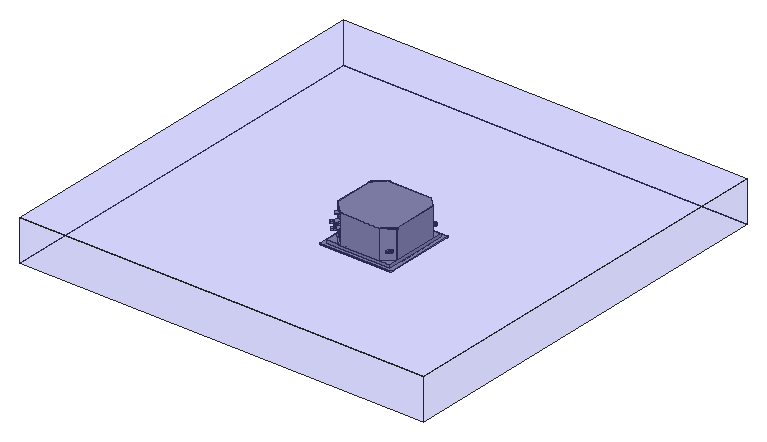
Revit family "SYSIMPLE FCC40A", category Оборудование, Revit 2019
Family settings
  Размер круглого соединителя = Использовать диаметр
  Тип детали = Нормальный
  На основе рабочей плоскости = Нет
  Всегда вертикально = Да
  При загрузке вырезать с полостями = Нет
  Общий = Нет
  Точка расчета площади = Нет
Parameters
  panel dimension(W) = "650x650x55"
  Water Flow Volume(m³/h) = "0.7"
  Top clearance(mm) = 50 mm
  Service Area [instance] = yes
  Right Side clearance(ODU side mm) [instance] = "/"
  Right Side clearance(wall side mm) [instance] = 1500 mm
  Refrigerant type = "/"
  Refrigerant Charged Volume(kg) = "/"
  Rear clearance(mm) = 1500 mm
  Protection grade = "/"
  Product series = "Cassette FCU"
  Power = "220-240V,50,1"
  Operation range cooling (°C） = "/"
  Operation range Heatling (°C） = "/"
  fan type = "AC"
  ODU fan ESP = "/"
  Noise Level(dB) = "≤42"
  NET Weight（body/panel） = "18/3"
  Model = "AFC-400CA/4BA"
  Max.Power input = "/"
  Max.Current input = "/"
  Manufacturer URL = "/"
  Manufacturer = "AUX"
  Left Side clearance(ODU side mm) = "/"
  Left Side clearance(wall side mm) [instance] = 1500 mm
  Installation hole spacing（W) = "/"
  Installation hole spacing（L) = "510.4*514.6*530.5*463"
  Heating power input = "/"
  Heating current = "/"
  Heating capacity = "5800/5100/4500"
  Gross Weight（body/panel） = "21/5"
  Front clearance(mm) = 1500 mm
  Fan motor quantity = "/"
  EER = "/"
  Inlet/Outlet /Drain  Water Pipe = "DN20"
  Design company = "/"
  Design Pressure(Mpa） = "1.6"
  Current of Circuit breaker = "/"
  Cooling current = "/"
  Cooling capacity = "3900/3350/2810"
  Cooling Power input = "/"
  Compressor type = "/"
  Compressor quantity = "/"
  Chassis height（mm) = "/"
  Capacity = "/"
  COP = "/"
  Body dimension(W) = "570×570×260"
  Air guide size(mm) = "/"
  Air flow(m³/h) = "680/580/480"
Reference planes
  plane 1 "中心(前/后)": y = 0
  plane 2: z = 0
  plane 3 "中心(左/右)": x = 0
  plane 4: z = 311.5
  plane 5: z = 261.5
  plane 6: z = -60
Forms (mm)
  Extrusion 1, solid, material "金属"
    sketch origin (0, 0, 0) x (1, 0, 0) y (0, 1, 0)
      loop
        line (-359.149, -138.318) -> (-358.088, -137.257) -> (-361.39, -133.964) -> (-361.39, 220.167) -> (-272.419, 309.137) -> (-273.48, 310.197) -> (-362.231, 221.447)
        arc (-362.231, 221.447) -> (-362.718, 220.717) -> (-362.89, 219.856) r 2.25
        line (-362.89, 219.856) -> (-362.89, -133.549)
        arc (-362.89, -133.549) -> (-362.699, -134.505) -> (-362.157, -135.316) r 2.5
        line (-362.157, -135.316) -> (-359.149, -138.318)
      loop
        line (-272.087, 310.552) -> (118.782, 310.552) -> (206.392, 222.349) -> (207.699, 223.53) -> (119.733, 311.496)
        arc (119.733, 311.496) -> (119.117, 311.908) -> (118.391, 312.052) r 1.897
        line (118.391, 312.052) -> (-272.087, 312.052) -> (-272.087, 310.552)
      loop
        line (207.973, -170.21) -> (118.469, -259.715) -> (-235.142, -259.715) -> (-235.142, -261.215) -> (118.054, -261.215)
        arc (118.054, -261.215) -> (119.011, -261.024) -> (119.822, -260.482) r 2.5
        line (119.822, -260.482) -> (201.978, -178.326) -> (208.814, -171.49)
        arc (208.814, -171.49) -> (209.302, -170.76) -> (209.473, -169.899) r 2.25
        line (209.473, -169.899) -> (209.473, 219.832) -> (207.973, 219.832) -> (207.973, -170.21)
    from 0 to 260
  Extrusion 2, solid, material "金属"
    sketch origin (0, 0, 0) x (1, 0, 0) y (0, 1, 0)
      loop
        line (-361.39, -133.964) -> (-235.346, -259.715) -> (118.469, -259.715) -> (207.973, -170.21) -> (207.973, 220.757) -> (118.782, 310.552) -> (-271.004, 310.552) -> (-361.39, 220.167) -> (-361.39, -133.964)
    from 0 to 260
  Extrusion 3, solid, material "金属"
    sketch origin (0, 0, 260) x (1, 0, 0) y (0, 1, 0)
      loop
        line (-271.004, 310.552) -> (-361.39, 220.167) -> (-361.39, -133.964) -> (-235.346, -259.715) -> (118.469, -259.715) -> (207.973, -170.21) -> (207.973, 220.757) -> (118.782, 310.552) -> (-271.004, 310.552)
    from 0 to 1.5
  Extrusion 4, solid, material "金属"
    sketch origin (0, 0, 0) x (1, 0, 0) y (0, 1, 0)
      loop
        line (-358.618, -138.849) -> (-242.092, -255.39) -> (-240.887, -254.187) -> (-357.557, -137.787) -> (-358.618, -138.849)
    from 1.5 to 260
  Sweep 5, solid, material "金属"
    path in 3D
      loop
        line (-242.092, -255.39, 1.5) -> (-358.618, -138.849, 1.5)
    profile origin (-300.355, -197.12, 1.5) x (0.707152, 0.707062, 0) y (0, 0, -1)
      loop
        line (-10.297, 0) -> (1.703, 0)
        arc (1.703, 0) -> (1.264, 1.061) -> (0.204, 1.5) r 1.499
        line (0.204, 1.5) -> (-10.297, 1.5) -> (-10.297, 0)
  Extrusion 6, solid, material "金属"
    sketch origin (-358.615, -138.852, 0) x (0.707062, -0.707152, 0) y (0, 0, 1)
      loop
        line (59.246, 29) -> (152.246, 29)
        arc (152.246, 29) -> (155.782, 30.464) -> (157.246, 34) r 5
        line (157.246, 34) -> (157.246, 111)
        arc (157.246, 111) -> (155.782, 114.536) -> (152.246, 116) r 5
        line (152.246, 116) -> (137.246, 116)
        arc (137.246, 116) -> (133.711, 114.536) -> (132.246, 111) r 5
        arc (132.246, 111) -> (119.746, 98.5) -> (107.246, 111) r 12.5
        line (107.246, 111) -> (107.246, 146)
        arc (107.246, 146) -> (105.782, 149.536) -> (102.246, 151) r 5
        line (102.246, 151) -> (99.246, 151)
        arc (99.246, 151) -> (95.711, 149.536) -> (94.246, 146) r 5
        arc (94.246, 146) -> (81.746, 133.5) -> (69.246, 146) r 12.5
        arc (69.246, 146) -> (67.782, 149.536) -> (64.246, 151) r 5
        arc (64.246, 151) -> (60.711, 149.536) -> (59.246, 146) r 5
        line (59.246, 146) -> (59.246, 29)
    from 0 to 3
  Extrusion 7, solid, material "黑色"
    sketch origin (-358.615, -138.852, 0) x (0.707062, -0.707152, 0) y (0, 0, 1)
      loop
        circle (81.746, 146) r 12.5
    from 0 to 30
  Extrusion 8, solid, material "黑色"
    sketch origin (-358.615, -138.852, 0) x (0.707062, -0.707152, 0) y (0, 0, 1)
      loop
        circle (119.746, 111) r 12.5
    from 0 to 23.5
  Extrusion 9, solid, material "金属"
    sketch origin (-375.233, -155.468, 0) x (0.707062, -0.707152, 0) y (0, 0, 1)
      loop
        line (129.746, 111) -> (124.746, 119.66) -> (114.746, 119.66) -> (109.746, 111) -> (114.746, 102.34) -> (124.746, 102.34) -> (129.746, 111)
    from 0 to 23.5
  Extrusion 10, solid, material "金属"
    sketch origin (-391.851, -172.084, 0) x (0.707062, -0.707152, 0) y (0, 0, 1)
      loop
        circle (119.746, 111) r 4.5
    from 0 to 3
  Extrusion 11, solid, material "金属"
    sketch origin (-393.972, -174.205, 0) x (0.707062, -0.707152, 0) y (0, 0, 1)
      loop
        line (119.746, 97) -> (131.87, 104) -> (131.87, 118) -> (119.746, 125) -> (107.622, 118) -> (107.622, 104) -> (119.746, 97)
    from 0 to 15
  Extrusion 12, solid, material "白色塑料"
    sketch origin (-358.615, -138.852, 0) x (0.707062, -0.707152, 0) y (0, 0, 1)
      loop
        circle (79.394, 216.095) r 27.5
    from 0 to 2
  Extrusion 13, solid, material "白色塑料"
    sketch origin (-360.029, -140.266, 0) x (0.707062, -0.707152, 0) y (0, 0, 1)
      loop
        circle (79.394, 216.095) r 13
      loop
        circle (79.394, 216.095) r 10.5
    from 0 to 30
  Extrusion 14, void
    sketch origin (-328.123, 255.554, 0) x (0.707107, 0.707107, 0) y (0, 0, 1)
      loop
        circle (-27.56, 19.536) r 10
    from 0 to 30
  Extrusion 15, solid, material "金属"
    sketch origin (-358.615, -138.852, 0) x (0.707062, -0.707152, 0) y (0, 0, 1)
      loop
        line (4.371, 63.5) -> (54.371, 63.5) -> (54.371, 84.5) -> (4.371, 84.5) -> (4.371, 63.5)
    from 0 to 1.5
  Extrusion 16, solid, material "金属"
    sketch origin (-360.385, -137.081, 84.5) x (0.707062, -0.707152, 0) y (0.707152, 0.707062, 0)
      loop
        line (6.875, -1.5) -> (6.876, -18.25)
        arc (6.876, -18.25) -> (10.538, -27.089) -> (19.377, -30.749) r 12.5
        line (19.377, -30.749) -> (25.377, -30.749) -> (25.376, -20.249)
        arc (25.376, -20.249) -> (25.083, -19.542) -> (24.376, -19.249) r 1
        line (24.376, -19.249) -> (19.876, -19.249)
        arc (19.876, -19.249) -> (13.876, -13.25) -> (19.875, -7.249) r 6
        line (19.875, -7.249) -> (43.875, -7.248)
        arc (43.875, -7.248) -> (49.876, -13.247) -> (43.876, -19.248) r 6
        line (43.876, -19.248) -> (39.376, -19.248)
        arc (39.376, -19.248) -> (38.669, -19.541) -> (38.376, -20.248) r 1
        line (38.376, -20.248) -> (38.377, -30.748) -> (44.377, -30.748)
        arc (44.377, -30.748) -> (53.215, -27.086) -> (56.876, -18.247) r 12.5
        line (56.876, -18.247) -> (56.875, -1.5) -> (6.875, -1.5)
    from 0 to 1.5
  Sweep 17, solid, material "金属"
    path in 3D
      loop
        line (-356.585, -143.004, 84.5) -> (-321.232, -178.361, 84.5)
    profile origin (-338.908, -160.682, 84.5) x (-0.707152, -0.707062, 0) y (0, 0, -1)
      loop
        line (0, 0) -> (-1.5, 0)
        arc (-1.5, 0) -> (-1.061, -1.061) -> (0, -1.5) r 1.5
        line (0, -1.5) -> (0, 0)
  Sweep 18, solid, material "金属"
    path in 3D
      loop
        line (-321.232, -178.361, 84.5) -> (-333.074, -190.203, 84.5)
        arc (-333.074, -190.203, 84.5) -> (-341.912, -193.864, 84.5) -> (-350.751, -190.203, 84.5) r 12.5
        line (-350.751, -190.203, 84.5) -> (-354.994, -185.96, 84.5)
    profile origin (-327.153, -184.282, 84.5) x (-0.707107, 0.707107, 0) y (0, 0, -1)
      loop
        line (0, 0) -> (0, 6) -> (-1.5, 6) -> (-1.5, 0)
        arc (-1.5, 0) -> (-1.061, -1.061) -> (0, -1.5) r 1.5
        line (0, -1.5) -> (0, 0)
  Sweep 19, solid, material "金属"
    path in 3D
      loop
        line (-364.186, -176.768, 84.5) -> (-368.429, -172.525, 84.5)
        arc (-368.429, -172.525, 84.5) -> (-372.09, -163.686, 84.5) -> (-368.429, -154.848, 84.5) r 12.5
        line (-368.429, -154.848, 84.5) -> (-356.585, -143.004, 84.5)
    profile origin (-362.507, -148.926, 84.5) x (0.707107, -0.707107, 0) y (0, 0, -1)
      loop
        line (0, 0) -> (0, 6) -> (-1.5, 6) -> (-1.5, 0)
        arc (-1.5, 0) -> (-1.061, -1.061) -> (0, -1.5) r 1.5
        line (0, -1.5) -> (0, 0)
  Sweep 20, solid, material "金属"
    path in 3D
      loop
        line (-356.585, -143.004, 78.5) -> (-356.585, -143.004, 63.5)
    profile origin (-356.585, -143.004, 71) x (-0.707152, -0.707062, 0) y (0.707062, -0.707152, 0)
      loop
        line (2, 0) -> (-1.5, 0) -> (-1.5, -1.5) -> (2, -1.5) -> (2, 0)
  Sweep 21, solid, material "金属"
    path in 3D
      loop
        line (-321.232, -178.361, 78.5) -> (-321.232, -178.361, 63.5)
    profile origin (-321.232, -178.361, 71) x (0.707062, -0.707152, 0) y (0.707152, 0.707062, 0)
      loop
        line (0, 1.5) -> (0, -2) -> (1.5, -2) -> (1.5, 1.5) -> (0, 1.5)
  Extrusion 22, solid, material "金属"
    sketch origin (143.512, -236.79, 0) x (0.707152, 0.707062, 0) y (0, 0, 1)
      loop
        line (4.371, 63.5) -> (54.371, 63.5) -> (54.371, 84.5) -> (4.371, 84.5) -> (4.371, 63.5)
    from 0 to 1.5
  Extrusion 23, solid, material "金属"
    sketch origin (141.741, -238.561, 84.5) x (0.707152, 0.707062, 0) y (-0.707062, 0.707152, 0)
      loop
        line (6.875, -1.5) -> (6.876, -18.25)
        arc (6.876, -18.25) -> (10.538, -27.089) -> (19.377, -30.749) r 12.5
        line (19.377, -30.749) -> (25.377, -30.749) -> (25.376, -20.249)
        arc (25.376, -20.249) -> (25.083, -19.542) -> (24.376, -19.249) r 1
        line (24.376, -19.249) -> (19.876, -19.249)
        arc (19.876, -19.249) -> (13.876, -13.25) -> (19.875, -7.249) r 6
        line (19.875, -7.249) -> (43.875, -7.248)
        arc (43.875, -7.248) -> (49.876, -13.247) -> (43.876, -19.248) r 6
        line (43.876, -19.248) -> (39.376, -19.248)
        arc (39.376, -19.248) -> (38.669, -19.541) -> (38.376, -20.248) r 1
        line (38.376, -20.248) -> (38.377, -30.748) -> (44.377, -30.748)
        arc (44.377, -30.748) -> (53.215, -27.086) -> (56.876, -18.247) r 12.5
        line (56.876, -18.247) -> (56.875, -1.5) -> (6.875, -1.5)
    from 0 to 1.5
  Sweep 24, solid, material "金属"
    path in 3D
      loop
        line (147.663, -234.76, 84.5) -> (183.021, -199.407, 84.5)
    profile origin (165.342, -217.084, 84.5) x (0.707062, -0.707152, 0) y (0, 0, -1)
      loop
        line (0, 0) -> (-1.5, 0)
        arc (-1.5, 0) -> (-1.061, -1.061) -> (0, -1.5) r 1.5
        line (0, -1.5) -> (0, 0)
  Sweep 25, solid, material "金属"
    path in 3D
      loop
        line (183.021, -199.407, 84.5) -> (194.863, -211.249, 84.5)
        arc (194.863, -211.249, 84.5) -> (198.524, -220.088, 84.5) -> (194.863, -228.927, 84.5) r 12.5
        line (194.863, -228.927, 84.5) -> (190.62, -233.169, 84.5)
    profile origin (188.942, -205.328, 84.5) x (-0.707107, -0.707107, 0) y (0, 0, -1)
      loop
        line (0, 0) -> (0, 6) -> (-1.5, 6) -> (-1.5, 0)
        arc (-1.5, 0) -> (-1.061, -1.061) -> (0, -1.5) r 1.5
        line (0, -1.5) -> (0, 0)
  Sweep 26, solid, material "金属"
    path in 3D
      loop
        line (181.428, -242.362, 84.5) -> (177.185, -246.604, 84.5)
        arc (177.185, -246.604, 84.5) -> (168.346, -250.266, 84.5) -> (159.508, -246.604, 84.5) r 12.5
        line (159.508, -246.604, 84.5) -> (147.663, -234.76, 84.5)
    profile origin (153.586, -240.682, 84.5) x (0.707107, 0.707107, 0) y (0, 0, -1)
      loop
        line (0, 0) -> (0, 6) -> (-1.5, 6) -> (-1.5, 0)
        arc (-1.5, 0) -> (-1.061, -1.061) -> (0, -1.5) r 1.5
        line (0, -1.5) -> (0, 0)
  Sweep 27, solid, material "金属"
    path in 3D
      loop
        line (147.663, -234.76, 78.5) -> (147.663, -234.76, 63.5)
    profile origin (147.663, -234.76, 71) x (-0.707152, -0.707062, 0) y (0.707062, -0.707152, 0)
      loop
        line (0, 2) -> (0, -1.5) -> (1.5, -1.5) -> (1.5, 2) -> (0, 2)
  Sweep 28, solid, material "金属"
    path in 3D
      loop
        line (183.021, -199.407, 78.5) -> (183.021, -199.407, 63.5)
    profile origin (183.021, -199.407, 71) x (0.707062, -0.707152, 0) y (0.707152, 0.707062, 0)
      loop
        line (-1.5, 0) -> (2, 0) -> (2, 1.5) -> (-1.5, 1.5) -> (-1.5, 0)
  Extrusion 29, solid, material "金属"
    sketch origin (185.243, 245.983, 0) x (-0.707062, 0.707152, 0) y (0, 0, 1)
      loop
        line (4.371, 63.5) -> (54.371, 63.5) -> (54.371, 84.5) -> (4.371, 84.5) -> (4.371, 63.5)
    from 0 to 1.5
  Extrusion 30, solid, material "金属"
    sketch origin (187.014, 244.212, 84.5) x (-0.707062, 0.707152, 0) y (-0.707152, -0.707062, 0)
      loop
        line (6.875, -1.5) -> (6.876, -18.25)
        arc (6.876, -18.25) -> (10.538, -27.089) -> (19.377, -30.749) r 12.5
        line (19.377, -30.749) -> (25.377, -30.749) -> (25.376, -20.249)
        arc (25.376, -20.249) -> (25.083, -19.542) -> (24.376, -19.249) r 1
        line (24.376, -19.249) -> (19.876, -19.249)
        arc (19.876, -19.249) -> (13.876, -13.25) -> (19.875, -7.249) r 6
        line (19.875, -7.249) -> (43.875, -7.248)
        arc (43.875, -7.248) -> (49.876, -13.247) -> (43.876, -19.248) r 6
        line (43.876, -19.248) -> (39.376, -19.248)
        arc (39.376, -19.248) -> (38.669, -19.541) -> (38.376, -20.248) r 1
        line (38.376, -20.248) -> (38.377, -30.748) -> (44.377, -30.748)
        arc (44.377, -30.748) -> (53.215, -27.086) -> (56.876, -18.247) r 12.5
        line (56.876, -18.247) -> (56.875, -1.5) -> (6.875, -1.5)
    from 0 to 1.5
  Sweep 31, solid, material "金属"
    path in 3D
      loop
        line (183.213, 250.134, 84.5) -> (147.86, 285.492, 84.5)
    profile origin (165.537, 267.813, 84.5) x (0.707152, 0.707062, 0) y (0, 0, -1)
      loop
        line (0, 0) -> (-1.5, 0)
        arc (-1.5, 0) -> (-1.061, -1.061) -> (0, -1.5) r 1.5
        line (0, -1.5) -> (0, 0)
  Sweep 32, solid, material "金属"
    path in 3D
      loop
        line (147.86, 285.492, 84.5) -> (159.702, 297.334, 84.5)
        arc (159.702, 297.334, 84.5) -> (168.541, 300.995, 84.5) -> (177.38, 297.334, 84.5) r 12.5
        line (177.38, 297.334, 84.5) -> (181.622, 293.091, 84.5)
    profile origin (153.781, 291.413, 84.5) x (0.707107, -0.707107, 0) y (0, 0, -1)
      loop
        line (0, 0) -> (0, 6) -> (-1.5, 6) -> (-1.5, 0)
        arc (-1.5, 0) -> (-1.061, -1.061) -> (0, -1.5) r 1.5
        line (0, -1.5) -> (0, 0)
  Sweep 33, solid, material "金属"
    path in 3D
      loop
        line (190.815, 283.899, 84.5) -> (195.057, 279.656, 84.5)
        arc (195.057, 279.656, 84.5) -> (198.719, 270.817, 84.5) -> (195.057, 261.979, 84.5) r 12.5
        line (195.057, 261.979, 84.5) -> (183.213, 250.134, 84.5)
    profile origin (189.135, 256.057, 84.5) x (-0.707107, 0.707107, 0) y (0, 0, -1)
      loop
        line (0, 0) -> (0, 6) -> (-1.5, 6) -> (-1.5, 0)
        arc (-1.5, 0) -> (-1.061, -1.061) -> (0, -1.5) r 1.5
        line (0, -1.5) -> (0, 0)
  Sweep 34, solid, material "金属"
    path in 3D
      loop
        line (183.213, 250.134, 78.5) -> (183.213, 250.134, 63.5)
    profile origin (183.213, 250.134, 71) x (-0.707152, -0.707062, 0) y (0.707062, -0.707152, 0)
      loop
        line (-2, 0) -> (1.5, 0) -> (1.5, 1.5) -> (-2, 1.5) -> (-2, 0)
  Sweep 35, solid, material "金属"
    path in 3D
      loop
        line (147.86, 285.492, 78.5) -> (147.86, 285.492, 63.5)
    profile origin (147.86, 285.492, 71) x (0.707062, -0.707152, 0) y (0.707152, 0.707062, 0)
      loop
        line (0, -1.5) -> (0, 2) -> (-1.5, 2) -> (-1.5, -1.5) -> (0, -1.5)
  Extrusion 36, solid, material "金属"
    sketch origin (-297.085, 286.589, 0) x (-0.707152, -0.707062, 0) y (0, 0, 1)
      loop
        line (4.371, 63.5) -> (54.371, 63.5) -> (54.371, 84.5) -> (4.371, 84.5) -> (4.371, 63.5)
    from 0 to 1.5
  Extrusion 37, solid, material "金属"
    sketch origin (-295.315, 288.36, 84.5) x (-0.707152, -0.707062, 0) y (0.707062, -0.707152, 0)
      loop
        line (6.875, -1.5) -> (6.876, -18.25)
        arc (6.876, -18.25) -> (10.538, -27.089) -> (19.377, -30.749) r 12.5
        line (19.377, -30.749) -> (25.377, -30.749) -> (25.376, -20.249)
        arc (25.376, -20.249) -> (25.083, -19.542) -> (24.376, -19.249) r 1
        line (24.376, -19.249) -> (19.876, -19.249)
        arc (19.876, -19.249) -> (13.876, -13.25) -> (19.875, -7.249) r 6
        line (19.875, -7.249) -> (43.875, -7.248)
        arc (43.875, -7.248) -> (49.876, -13.247) -> (43.876, -19.248) r 6
        line (43.876, -19.248) -> (39.376, -19.248)
        arc (39.376, -19.248) -> (38.669, -19.541) -> (38.376, -20.248) r 1
        line (38.376, -20.248) -> (38.377, -30.748) -> (44.377, -30.748)
        arc (44.377, -30.748) -> (53.215, -27.086) -> (56.876, -18.247) r 12.5
        line (56.876, -18.247) -> (56.875, -1.5) -> (6.875, -1.5)
    from 0 to 1.5
  Sweep 38, solid, material "金属"
    path in 3D
      loop
        line (-301.237, 284.559, 84.5) -> (-336.595, 249.206, 84.5)
    profile origin (-318.916, 266.883, 84.5) x (-0.707062, 0.707152, 0) y (0, 0, -1)
      loop
        line (0, 0) -> (-1.5, 0)
        arc (-1.5, 0) -> (-1.061, -1.061) -> (0, -1.5) r 1.5
        line (0, -1.5) -> (0, 0)
  Sweep 39, solid, material "金属"
    path in 3D
      loop
        line (-336.595, 249.206, 84.5) -> (-348.436, 261.048, 84.5)
        arc (-348.436, 261.048, 84.5) -> (-352.098, 269.887, 84.5) -> (-348.436, 278.726, 84.5) r 12.5
        line (-348.436, 278.726, 84.5) -> (-344.194, 282.968, 84.5)
    profile origin (-342.516, 255.127, 84.5) x (0.707107, 0.707107, 0) y (0, 0, -1)
      loop
        line (0, 0) -> (0, 6) -> (-1.5, 6) -> (-1.5, 0)
        arc (-1.5, 0) -> (-1.061, -1.061) -> (0, -1.5) r 1.5
        line (0, -1.5) -> (0, 0)
  Sweep 40, solid, material "金属"
    path in 3D
      loop
        line (-335.001, 292.161, 84.5) -> (-330.759, 296.403, 84.5)
        arc (-330.759, 296.403, 84.5) -> (-321.92, 300.065, 84.5) -> (-313.081, 296.403, 84.5) r 12.5
        line (-313.081, 296.403, 84.5) -> (-301.237, 284.559, 84.5)
    profile origin (-307.159, 290.481, 84.5) x (-0.707107, -0.707107, 0) y (0, 0, -1)
      loop
        line (0, 0) -> (0, 6) -> (-1.5, 6) -> (-1.5, 0)
        arc (-1.5, 0) -> (-1.061, -1.061) -> (0, -1.5) r 1.5
        line (0, -1.5) -> (0, 0)
  Sweep 41, solid, material "金属"
    path in 3D
      loop
        line (-301.237, 284.559, 78.5) -> (-301.237, 284.559, 63.5)
    profile origin (-301.237, 284.559, 71) x (-0.707152, -0.707062, 0) y (0.707062, -0.707152, 0)
      loop
        line (0, -2) -> (0, 1.5) -> (-1.5, 1.5) -> (-1.5, -2) -> (0, -2)
  Sweep 42, solid, material "金属"
    path in 3D
      loop
        line (-336.595, 249.206, 78.5) -> (-336.595, 249.206, 63.5)
    profile origin (-336.595, 249.206, 71) x (0.707062, -0.707152, 0) y (0.707152, 0.707062, 0)
      loop
        line (1.5, 0) -> (-2, 0) -> (-2, -1.5) -> (1.5, -1.5) -> (1.5, 0)
  Extrusion 43, solid, material "白色塑料"
    sketch origin (-51.289, 102.127, 0) x (0, 1, 0) y (-1, 0, 0)
      loop
        line (209.473, 312.052) -> (-362.89, 312.052) -> (-362.89, -261.215) -> (209.473, -261.215) -> (209.473, 312.052)
    from 0 to -28.5
  SweptBlend 44, solid, material "白色塑料"
    path origin (-76.708, -299.581, -28.5) x (0, 1, 0) y (0, 0, 1)
      loop
        line (325, 0) -> (325, -26.5)
    profile origin (-76.708, 25.419, -28.5) x (1, 0, 0) y (0, 1, 0)
      loop
        arc (-310, 325) -> (-320.607, 320.607) -> (-325, 310) r 15
        line (-325, 310) -> (-325, -310)
        arc (-325, -310) -> (-320.607, -320.607) -> (-310, -325) r 15
        line (-310, -325) -> (310, -325)
        arc (310, -325) -> (320.607, -320.607) -> (325, -310) r 15
        line (325, -310) -> (325, 310)
        arc (325, 310) -> (320.607, 320.607) -> (310, 325) r 15
        line (310, 325) -> (-310, 325)
    end profile origin (-76.708, 25.419, -55) x (1, 0, 0) y (0, 1, 0)
      loop
        line (-197, -209.192) -> (196.992, -209.192)
        arc (196.992, -209.192) -> (205.618, -205.618) -> (209.192, -196.992) r 12.2
        line (209.192, -196.992) -> (209.192, 196.986)
        arc (209.192, 196.986) -> (205.618, 205.613) -> (196.992, 209.186) r 12.2
        line (196.992, 209.186) -> (-197.005, 209.186)
        arc (-197.005, 209.186) -> (-205.622, 205.617) -> (-209.192, 197) r 12.186
        line (-209.192, 197) -> (-209.192, -197)
        arc (-209.192, -197) -> (-205.621, -205.621) -> (-197, -209.192) r 12.192
  Extrusion 45, solid, material "白色塑料"
    sketch origin (-51.289, 102.127, -28.5) x (-1, 0, 0) y (0, 1, 0)
      loop
        arc (335.419, -401.708) -> (346.025, -397.315) -> (350.419, -386.708) r 15
        line (350.419, -386.708) -> (350.419, 233.292)
        arc (350.419, 233.292) -> (346.025, 243.899) -> (335.419, 248.292) r 15
        line (335.419, 248.292) -> (-284.581, 248.292)
        arc (-284.581, 248.292) -> (-295.188, 243.899) -> (-299.581, 233.292) r 15
        line (-299.581, 233.292) -> (-299.581, -386.708)
        arc (-299.581, -386.708) -> (-295.188, -397.315) -> (-284.581, -401.708) r 15
        line (-284.581, -401.708) -> (335.419, -401.708)
    from 0 to -3
  Sweep 46, solid, material "白色塑料"
    path in 3D
      loop
        arc (-273.713, 234.605, -55) -> (-282.33, 231.036, -55) -> (-285.9, 222.419, -55) r 12.186
        line (-285.9, 222.419, -55) -> (-285.9, -171.581, -55)
        arc (-285.9, -171.581, -55) -> (-282.329, -180.202, -55) -> (-273.708, -183.773, -55) r 12.192
        line (-273.708, -183.773, -55) -> (120.284, -183.773, -55)
        arc (120.284, -183.773, -55) -> (128.91, -180.2, -55) -> (132.484, -171.573, -55) r 12.2
        line (132.484, -171.573, -55) -> (132.484, 222.405, -55)
        arc (132.484, 222.405, -55) -> (128.91, 231.032, -55) -> (120.284, 234.605, -55) r 12.2
        line (120.284, 234.605, -55) -> (-273.713, 234.605, -55)
    profile origin (-76.715, 234.605, -55) x (0, 1, 0) y (0, 0, -1)
      loop
        arc (0, 0) -> (-4.644, 3.213) -> (-10, 5) r 20
        line (-10, 5) -> (-10, 0) -> (0, 0)
  Extrusion 47, solid, material "白色塑料"
    sketch origin (120.284, 234.605, -55) x (-1, 0, 0) y (0, -1, 0)
      loop
        arc (-2.2, 12.2) -> (-1.556, 10.644) -> (0, 10) r 2.2
        line (0, 10) -> (393.997, 10)
        arc (393.997, 10) -> (395.543, 10.64) -> (396.183, 12.186) r 2.186
        line (396.183, 12.186) -> (396.183, 406.186)
        arc (396.183, 406.186) -> (395.541, 407.736) -> (393.992, 408.378) r 2.192
        line (393.992, 408.378) -> (0, 408.378)
        arc (0, 408.378) -> (-1.556, 407.734) -> (-2.2, 406.178) r 2.2
        line (-2.2, 406.178) -> (-2.2, 12.2)
    from 0 to -5
  Extrusion 48, void
    sketch origin (120.284, 234.605, -55) x (0, -1, 0) y (-1, 0, 0)
      loop
        line (374.186, 364.992) -> (44.186, 364.992)
        arc (44.186, 364.992) -> (40.186, 360.992) -> (44.186, 356.992) r 4
        line (44.186, 356.992) -> (374.186, 356.992)
        arc (374.186, 356.992) -> (378.186, 360.992) -> (374.186, 364.992) r 4
      loop
        line (374.186, 354.992) -> (44.186, 354.992)
        arc (44.186, 354.992) -> (40.186, 350.992) -> (44.186, 346.992) r 4
        line (44.186, 346.992) -> (374.186, 346.992)
        arc (374.186, 346.992) -> (378.186, 350.992) -> (374.186, 354.992) r 4
      loop
        arc (44.186, 344.992) -> (40.186, 340.992) -> (44.186, 336.992) r 4
        line (44.186, 336.992) -> (374.186, 336.992)
        arc (374.186, 336.992) -> (378.186, 340.992) -> (374.186, 344.992) r 4
        line (374.186, 344.992) -> (44.186, 344.992)
      loop
        arc (44.186, 334.992) -> (40.186, 330.992) -> (44.186, 326.992) r 4
        line (44.186, 326.992) -> (374.186, 326.992)
        arc (374.186, 326.992) -> (378.186, 330.992) -> (374.186, 334.992) r 4
        line (374.186, 334.992) -> (44.186, 334.992)
      loop
        arc (44.186, 324.992) -> (40.186, 320.992) -> (44.186, 316.992) r 4
        line (44.186, 316.992) -> (374.186, 316.992)
        arc (374.186, 316.992) -> (378.186, 320.992) -> (374.186, 324.992) r 4
        line (374.186, 324.992) -> (44.186, 324.992)
      loop
        arc (44.186, 314.992) -> (40.186, 310.992) -> (44.186, 306.992) r 4
        line (44.186, 306.992) -> (374.186, 306.992)
        arc (374.186, 306.992) -> (378.186, 310.992) -> (374.186, 314.992) r 4
        line (374.186, 314.992) -> (44.186, 314.992)
      loop
        arc (44.186, 304.992) -> (40.186, 300.992) -> (44.186, 296.992) r 4
        line (44.186, 296.992) -> (374.186, 296.992)
        arc (374.186, 296.992) -> (378.186, 300.992) -> (374.186, 304.992) r 4
        line (374.186, 304.992) -> (44.186, 304.992)
      loop
        arc (44.186, 294.992) -> (40.186, 290.992) -> (44.186, 286.992) r 4
        line (44.186, 286.992) -> (374.186, 286.992)
        arc (374.186, 286.992) -> (378.186, 290.992) -> (374.186, 294.992) r 4
        line (374.186, 294.992) -> (44.186, 294.992)
      loop
        arc (44.186, 284.992) -> (40.186, 280.992) -> (44.186, 276.992) r 4
        line (44.186, 276.992) -> (374.186, 276.992)
        arc (374.186, 276.992) -> (378.186, 280.992) -> (374.186, 284.992) r 4
        line (374.186, 284.992) -> (44.186, 284.992)
      loop
        arc (44.186, 274.992) -> (40.186, 270.992) -> (44.186, 266.992) r 4
        line (44.186, 266.992) -> (374.186, 266.992)
        arc (374.186, 266.992) -> (378.186, 270.992) -> (374.186, 274.992) r 4
        line (374.186, 274.992) -> (44.186, 274.992)
      loop
        arc (44.186, 264.992) -> (40.186, 260.992) -> (44.186, 256.992) r 4
        line (44.186, 256.992) -> (374.186, 256.992)
        arc (374.186, 256.992) -> (378.186, 260.992) -> (374.186, 264.992) r 4
        line (374.186, 264.992) -> (44.186, 264.992)
      loop
        arc (44.186, 254.992) -> (40.186, 250.992) -> (44.186, 246.992) r 4
        line (44.186, 246.992) -> (374.186, 246.992)
        arc (374.186, 246.992) -> (378.186, 250.992) -> (374.186, 254.992) r 4
        line (374.186, 254.992) -> (44.186, 254.992)
      loop
        arc (44.186, 244.992) -> (40.186, 240.992) -> (44.186, 236.992) r 4
        line (44.186, 236.992) -> (374.186, 236.992)
        arc (374.186, 236.992) -> (378.186, 240.992) -> (374.186, 244.992) r 4
        line (374.186, 244.992) -> (44.186, 244.992)
      loop
        arc (44.186, 234.992) -> (40.186, 230.992) -> (44.186, 226.992) r 4
        line (44.186, 226.992) -> (374.186, 226.992)
        arc (374.186, 226.992) -> (378.186, 230.992) -> (374.186, 234.992) r 4
        line (374.186, 234.992) -> (44.186, 234.992)
      loop
        arc (44.186, 224.992) -> (40.186, 220.992) -> (44.186, 216.992) r 4
        line (44.186, 216.992) -> (374.186, 216.992)
        arc (374.186, 216.992) -> (378.186, 220.992) -> (374.186, 224.992) r 4
        line (374.186, 224.992) -> (44.186, 224.992)
      loop
        arc (44.186, 214.992) -> (40.186, 210.992) -> (44.186, 206.992) r 4
        line (44.186, 206.992) -> (374.186, 206.992)
        arc (374.186, 206.992) -> (378.186, 210.992) -> (374.186, 214.992) r 4
        line (374.186, 214.992) -> (44.186, 214.992)
      loop
        arc (44.186, 204.992) -> (40.186, 200.992) -> (44.186, 196.992) r 4
        line (44.186, 196.992) -> (374.186, 196.992)
        arc (374.186, 196.992) -> (378.186, 200.992) -> (374.186, 204.992) r 4
        line (374.186, 204.992) -> (44.186, 204.992)
      loop
        arc (44.186, 194.992) -> (40.186, 190.992) -> (44.186, 186.992) r 4
        line (44.186, 186.992) -> (374.186, 186.992)
        arc (374.186, 186.992) -> (378.186, 190.992) -> (374.186, 194.992) r 4
        line (374.186, 194.992) -> (44.186, 194.992)
      loop
        arc (44.186, 184.992) -> (40.186, 180.992) -> (44.186, 176.992) r 4
        line (44.186, 176.992) -> (374.186, 176.992)
        arc (374.186, 176.992) -> (378.186, 180.992) -> (374.186, 184.992) r 4
        line (374.186, 184.992) -> (44.186, 184.992)
      loop
        arc (44.186, 174.992) -> (40.186, 170.992) -> (44.186, 166.992) r 4
        line (44.186, 166.992) -> (374.186, 166.992)
        arc (374.186, 166.992) -> (378.186, 170.992) -> (374.186, 174.992) r 4
        line (374.186, 174.992) -> (44.186, 174.992)
      loop
        arc (44.186, 164.992) -> (40.186, 160.992) -> (44.186, 156.992) r 4
        line (44.186, 156.992) -> (374.186, 156.992)
        arc (374.186, 156.992) -> (378.186, 160.992) -> (374.186, 164.992) r 4
        line (374.186, 164.992) -> (44.186, 164.992)
      loop
        arc (44.186, 154.992) -> (40.186, 150.992) -> (44.186, 146.992) r 4
        line (44.186, 146.992) -> (374.186, 146.992)
        arc (374.186, 146.992) -> (378.186, 150.992) -> (374.186, 154.992) r 4
        line (374.186, 154.992) -> (44.186, 154.992)
      loop
        arc (44.186, 144.992) -> (40.186, 140.992) -> (44.186, 136.992) r 4
        line (44.186, 136.992) -> (374.186, 136.992)
        arc (374.186, 136.992) -> (378.186, 140.992) -> (374.186, 144.992) r 4
        line (374.186, 144.992) -> (44.186, 144.992)
      loop
        arc (44.186, 134.992) -> (40.186, 130.992) -> (44.186, 126.992) r 4
        line (44.186, 126.992) -> (374.186, 126.992)
        arc (374.186, 126.992) -> (378.186, 130.992) -> (374.186, 134.992) r 4
        line (374.186, 134.992) -> (44.186, 134.992)
      loop
        arc (44.186, 124.992) -> (40.186, 120.992) -> (44.186, 116.992) r 4
        line (44.186, 116.992) -> (374.186, 116.992)
        arc (374.186, 116.992) -> (378.186, 120.992) -> (374.186, 124.992) r 4
        line (374.186, 124.992) -> (44.186, 124.992)
      loop
        arc (44.186, 114.992) -> (40.186, 110.992) -> (44.186, 106.992) r 4
        line (44.186, 106.992) -> (374.186, 106.992)
        arc (374.186, 106.992) -> (378.186, 110.992) -> (374.186, 114.992) r 4
        line (374.186, 114.992) -> (44.186, 114.992)
      loop
        arc (44.186, 104.992) -> (40.186, 100.992) -> (44.186, 96.992) r 4
        line (44.186, 96.992) -> (374.186, 96.992)
        arc (374.186, 96.992) -> (378.186, 100.992) -> (374.186, 104.992) r 4
        line (374.186, 104.992) -> (44.186, 104.992)
      loop
        arc (44.186, 94.992) -> (40.186, 90.992) -> (44.186, 86.992) r 4
        line (44.186, 86.992) -> (374.186, 86.992)
        arc (374.186, 86.992) -> (378.186, 90.992) -> (374.186, 94.992) r 4
        line (374.186, 94.992) -> (44.186, 94.992)
      loop
        arc (44.186, 84.992) -> (40.186, 80.992) -> (44.186, 76.992) r 4
        line (44.186, 76.992) -> (374.186, 76.992)
        arc (374.186, 76.992) -> (378.186, 80.992) -> (374.186, 84.992) r 4
        line (374.186, 84.992) -> (44.186, 84.992)
      loop
        arc (44.186, 74.992) -> (40.186, 70.992) -> (44.186, 66.992) r 4
        line (44.186, 66.992) -> (374.186, 66.992)
        arc (374.186, 66.992) -> (378.186, 70.992) -> (374.186, 74.992) r 4
        line (374.186, 74.992) -> (44.186, 74.992)
      loop
        arc (44.186, 64.992) -> (40.186, 60.992) -> (44.186, 56.992) r 4
        line (44.186, 56.992) -> (374.186, 56.992)
        arc (374.186, 56.992) -> (378.186, 60.992) -> (374.186, 64.992) r 4
        line (374.186, 64.992) -> (44.186, 64.992)
      loop
        arc (44.186, 54.992) -> (40.186, 50.992) -> (44.186, 46.992) r 4
        line (44.186, 46.992) -> (374.186, 46.992)
        arc (374.186, 46.992) -> (378.186, 50.992) -> (374.186, 54.992) r 4
        line (374.186, 54.992) -> (44.186, 54.992)
      loop
        arc (44.186, 44.992) -> (40.186, 40.992) -> (44.186, 36.992) r 4
        line (44.186, 36.992) -> (374.186, 36.992)
        arc (374.186, 36.992) -> (378.186, 40.992) -> (374.186, 44.992) r 4
        line (374.186, 44.992) -> (44.186, 44.992)
      loop
        arc (104.186, 3.692) -> (104.772, 2.277) -> (106.186, 1.692) r 2
        line (106.186, 1.692) -> (312.186, 1.692)
        arc (312.186, 1.692) -> (313.601, 2.277) -> (314.186, 3.692) r 2
        line (314.186, 3.692) -> (314.186, 32.292)
        arc (314.186, 32.292) -> (313.601, 33.706) -> (312.186, 34.292) r 2
        line (312.186, 34.292) -> (106.186, 34.292)
        arc (106.186, 34.292) -> (104.772, 33.706) -> (104.186, 32.292) r 2
        line (104.186, 32.292) -> (104.186, 3.692)
      loop
        arc (86.586, 376.792) -> (87.114, 375.519) -> (88.386, 374.992) r 1.8
        line (88.386, 374.992) -> (107.386, 374.992)
        arc (107.386, 374.992) -> (108.659, 375.519) -> (109.186, 376.792) r 1.8
        line (109.186, 376.792) -> (109.186, 389.792)
        arc (109.186, 389.792) -> (108.659, 391.064) -> (107.386, 391.592) r 1.8
        line (107.386, 391.592) -> (88.386, 391.592)
        arc (88.386, 391.592) -> (87.114, 391.064) -> (86.586, 389.792) r 1.8
        line (86.586, 389.792) -> (86.586, 376.792)
      loop
        arc (309.186, 376.792) -> (309.714, 375.519) -> (310.986, 374.992) r 1.8
        line (310.986, 374.992) -> (329.986, 374.992)
        arc (329.986, 374.992) -> (331.259, 375.519) -> (331.786, 376.792) r 1.8
        line (331.786, 376.792) -> (331.786, 389.792)
        arc (331.786, 389.792) -> (331.259, 391.064) -> (329.986, 391.592) r 1.8
        line (329.986, 391.592) -> (310.986, 391.592)
        arc (310.986, 391.592) -> (309.714, 391.064) -> (309.186, 389.792) r 1.8
        line (309.186, 389.792) -> (309.186, 376.792)
    from 5 to -55
  Extrusion 49, void
    sketch origin (-76.708, 350.419, -28.5) x (-1, 0, 0) y (0, -0.974807, -0.223051)
      loop
        line (-175, 41) -> (175, 41) -> (175, 73)
        arc (175, 73) -> (172.309, 80.381) -> (165.5, 84.3) r 11.471
        line (165.5, 84.3) -> (-165.5, 84.3)
        arc (-165.5, 84.3) -> (-172.309, 80.381) -> (-175, 73) r 11.471
        line (-175, 73) -> (-175, 41)
    from 0 to 20
  Extrusion 50, void
    sketch origin (-401.708, 25.419, -28.5) x (0, -1, 0) y (0.974805, 0, -0.223061)
      loop
        line (-175, 42) -> (175, 42) -> (175, 74)
        arc (175, 74) -> (172.309, 81.381) -> (165.5, 85.3) r 11.471
        line (165.5, 85.3) -> (-165.5, 85.3)
        arc (-165.5, 85.3) -> (-172.881, 81.862) -> (-175, 74) r 9.643
        line (-175, 74) -> (-175, 42)
    from 0 to 20
  Extrusion 51, void
    sketch origin (-76.708, -299.581, -28.5) x (1, 0, 0) y (0, 0.974805, -0.223061)
      loop
        line (-175, 42) -> (175, 42) -> (175, 74)
        arc (175, 74) -> (172.309, 81.381) -> (165.5, 85.3) r 11.471
        line (165.5, 85.3) -> (-165.5, 85.3)
        arc (-165.5, 85.3) -> (-172.881, 81.862) -> (-175, 74) r 9.643
        line (-175, 74) -> (-175, 42)
    from 0 to 20
  Extrusion 52, void
    sketch origin (248.292, 25.419, -28.5) x (0, 1, 0) y (-0.974805, 0, -0.223061)
      loop
        line (-175, 42) -> (175, 42) -> (175, 74)
        arc (175, 74) -> (172.881, 81.862) -> (165.5, 85.3) r 9.643
        line (165.5, 85.3) -> (-165.5, 85.3)
        arc (-165.5, 85.3) -> (-172.881, 81.862) -> (-175, 74) r 9.643
        line (-175, 74) -> (-175, 42)
    from 0 to 20
  Sweep 53, solid, material "白色塑料"
    path in 3D
      loop
        line (91.292, 310.452, -37.645) -> (-244.708, 310.452, -37.645)
    profile origin (-76.708, 310.452, -37.645) x (0, 0.974807, 0.223051) y (0, 0.223051, -0.974807)
      loop
        line (-31.595, 0) -> (-31.595, -2) -> (-1.995, -2) -> (-1.995, 0)
        spline (-1.995, 0) -> (-2.5, 0.518) -> (-3.978, 1.002) -> (-6.33, 1.416) -> (-9.395, 1.735) -> (-12.965, 1.935) -> (-16.795, 2.003) -> (-20.626, 1.935) -> (-24.195, 1.735) -> (-27.261, 1.416) -> (-29.613, 1.002) -> (-31.091, 0.518) -> (-31.595, 0)
  Sweep 54, solid, material "白色塑料"
    path in 3D
      loop
        line (207.35, -142.581, -37.869) -> (207.35, 193.419, -37.869)
    profile origin (207.35, 25.419, -37.869) x (0.974805, 0, 0.223061) y (0.223061, 0, -0.974805)
      loop
        line (-31.6, 0) -> (-31.6, -2) -> (-2, -2) -> (-2, 0)
        spline (-2, 0) -> (-2.504, 0.518) -> (-3.983, 1) -> (-6.335, 1.414) -> (-9.4, 1.732) -> (-12.969, 1.932) -> (-16.8, 2) -> (-20.631, 1.932) -> (-24.2, 1.732) -> (-27.265, 1.414) -> (-29.617, 1) -> (-31.096, 0.518) -> (-31.6, 0)
  Sweep 55, solid, material "白色塑料"
    path in 3D
      loop
        line (-244.708, -258.64, -37.869) -> (91.292, -258.64, -37.869)
    profile origin (-76.708, -258.64, -37.869) x (0, -0.974805, 0.223061) y (0, -0.223061, -0.974805)
      loop
        spline (-2, 0) -> (-2.504, 0.518) -> (-3.983, 1) -> (-6.335, 1.414) -> (-9.4, 1.732) -> (-12.969, 1.932) -> (-16.8, 2) -> (-20.631, 1.932) -> (-24.2, 1.732) -> (-27.265, 1.414) -> (-29.617, 1) -> (-31.096, 0.518) -> (-31.6, 0)
        line (-31.6, 0) -> (-31.6, -2) -> (-2, -2) -> (-2, 0)
  Sweep 56, solid, material "白色塑料"
    path in 3D
      loop
        line (-360.766, 193.419, -37.869) -> (-360.766, -142.581, -37.869)
    profile origin (-360.766, 25.419, -37.869) x (-0.974805, 0, 0.223061) y (-0.223061, 0, -0.974805)
      loop
        line (-31.6, 0) -> (-31.6, -2) -> (-2, -2) -> (-2, 0)
        spline (-2, 0) -> (-2.504, 0.518) -> (-3.983, 1) -> (-6.335, 1.414) -> (-9.4, 1.732) -> (-12.969, 1.932) -> (-16.8, 2) -> (-20.631, 1.932) -> (-24.2, 1.732) -> (-27.265, 1.414) -> (-29.617, 1) -> (-31.096, 0.518) -> (-31.6, 0)
  Extrusion 57, solid, material "商标", not visible
    sketch origin (0.191, 70.004, 0) x (-1, 0, 0) y (0, 1, 0)
      loop
        line (-9, -62.699) -> (-13.565, -62.699) -> (-17.949, -67.568) -> (-22.818, -62.699) -> (-27, -62.699) -> (-19.93, -69.769) -> (-27, -77.621) -> (-21.557, -77.621) -> (-17.066, -72.633) -> (-12.079, -77.621) -> (-7.896, -77.621) -> (-15.085, -70.432) -> (-9.872, -64.642)
        arc (-9.872, -64.642) -> (-9.321, -64.51) -> (-9, -64.977) r 0.5
        line (-9, -64.977) -> (-9, -74.064)
        arc (-9, -74.064) -> (-7.068, -76.641) -> (-4, -77.621) r 5.293
        line (-4, -77.621) -> (4, -77.621)
        arc (4, -77.621) -> (7.068, -76.641) -> (9, -74.064) r 5.293
        line (9, -74.064) -> (9, -62.699) -> (4, -62.699) -> (4, -74.064)
        spline (4, -74.064) -> (3.864, -74.512) -> (3.464, -74.929) -> (2.828, -75.287) -> (2, -75.562) -> (1.035, -75.735) -> (0, -75.794) -> (-1.035, -75.735) -> (-2, -75.562) -> (-2.828, -75.287) -> (-3.464, -74.929) -> (-3.864, -74.512) -> (-4, -74.064)
        line (-4, -74.064) -> (-4, -63.699)
        arc (-4, -63.699) -> (-4.293, -62.992) -> (-5, -62.699) r 1
        line (-5, -62.699) -> (-9, -62.699)
      loop
        line (29.938, -77.621) -> (22.004, -62.699) -> (15.689, -62.699) -> (8.086, -77.621) -> (13.196, -77.621) -> (15.008, -74.064) -> (24.496, -74.064) -> (26.387, -77.621) -> (29.938, -77.621)
      loop
        line (19.651, -64.952) -> (15.95, -72.215) -> (23.513, -72.215) -> (19.651, -64.952)
    from 0 to 1
  Sweep 58, solid
    path origin (120.284, 234.605, -55) x (-1, 0, 0) y (0, -1, 0)
      loop
        line (395.742, 424.455) -> (408.085, 436.798)
    profile origin (-281.63, -196.021, -55) x (0.707107, -0.707107, 0) y (0, 0, 1)
      loop
        circle (6.905, 125.366) r 2
      loop
        circle (6.905, 108.817) r 2
  Extrusion 59, solid, material "金属"
    sketch origin (-402.101, -128.596, 35) x (0.707062, -0.707152, 0) y (0, 0, 1)
      loop
        line (129.746, 111) -> (124.746, 119.66) -> (114.746, 119.66) -> (109.746, 111) -> (114.746, 102.34) -> (124.746, 102.34) -> (129.746, 111)
    from 0 to 23.5
  Extrusion 60, solid, material "金属"
    sketch origin (-418.719, -145.212, 35) x (0.707062, -0.707152, 0) y (0, 0, 1)
      loop
        circle (119.746, 111) r 4.5
    from 0 to 3
  Extrusion 61, solid, material "金属"
    sketch origin (-420.841, -147.333, 35) x (0.707062, -0.707152, 0) y (0, 0, 1)
      loop
        line (119.746, 97) -> (131.87, 104) -> (131.87, 118) -> (119.746, 125) -> (107.622, 118) -> (107.622, 104) -> (119.746, 97)
    from 0 to 15
Cuts and joins
  Extrusion 14 cuts Extrusion 1
  Extrusion 14 cuts Extrusion 2
  joined: Extrusion 15, Extrusion 16, Sweep 17
  Extrusion 48, Extrusion 49, Extrusion 50, Extrusion 51, Extrusion 52 cuts SweptBlend 44
  Extrusion 48 cuts Extrusion 47
  Extrusion 49, Extrusion 50, Extrusion 51, Extrusion 52 cuts Extrusion 43
  Extrusion 49, Extrusion 50, Extrusion 51, Extrusion 52 cuts Extrusion 45
Lines and regions (mm)
  sketch lines
    curve 1: line (-242.092, -255.39, 1.5) -> (-358.618, -138.849, 1.5)
    curve 2: line (-356.585, -143.004, 84.5) -> (-321.232, -178.361, 84.5)
    curve 3: line (-321.232, -178.361, 84.5) -> (-333.074, -190.203, 84.5)
    curve 4: arc (-350.751, -190.203, 84.5) -> (-341.912, -193.864, 84.5) -> (-333.074, -190.203, 84.5) r 12.5
    curve 5: line (-350.751, -190.203, 84.5) -> (-354.994, -185.96, 84.5)
    curve 6: line (-368.429, -154.848, 84.5) -> (-356.585, -143.004, 84.5)
    curve 7: arc (-368.429, -154.848, 84.5) -> (-372.09, -163.686, 84.5) -> (-368.429, -172.525, 84.5) r 12.5
    curve 8: line (-364.186, -176.768, 84.5) -> (-368.429, -172.525, 84.5)
    curve 9: line (-356.585, -143.004, 78.5) -> (-356.585, -143.004, 63.5)
    curve 10: line (-321.232, -178.361, 78.5) -> (-321.232, -178.361, 63.5)
    curve 11: line (147.663, -234.76, 84.5) -> (183.021, -199.407, 84.5)
    curve 12: line (183.021, -199.407, 84.5) -> (194.863, -211.249, 84.5)
    curve 13: arc (194.863, -228.927, 84.5) -> (198.524, -220.088, 84.5) -> (194.863, -211.249, 84.5) r 12.5
    curve 14: line (194.863, -228.927, 84.5) -> (190.62, -233.169, 84.5)
    curve 15: line (159.508, -246.604, 84.5) -> (147.663, -234.76, 84.5)
    curve 16: arc (159.508, -246.604, 84.5) -> (168.346, -250.266, 84.5) -> (177.185, -246.604, 84.5) r 12.5
    curve 17: line (181.428, -242.362, 84.5) -> (177.185, -246.604, 84.5)
    curve 18: line (147.663, -234.76, 78.5) -> (147.663, -234.76, 63.5)
    curve 19: line (183.021, -199.407, 78.5) -> (183.021, -199.407, 63.5)
    curve 20: line (183.213, 250.134, 84.5) -> (147.86, 285.492, 84.5)
    curve 21: line (147.86, 285.492, 84.5) -> (159.702, 297.334, 84.5)
    curve 22: arc (177.38, 297.334, 84.5) -> (168.541, 300.995, 84.5) -> (159.702, 297.334, 84.5) r 12.5
    curve 23: line (177.38, 297.334, 84.5) -> (181.622, 293.091, 84.5)
    curve 24: line (195.057, 261.979, 84.5) -> (183.213, 250.134, 84.5)
    curve 25: arc (195.057, 261.979, 84.5) -> (198.719, 270.817, 84.5) -> (195.057, 279.656, 84.5) r 12.5
    curve 26: line (190.815, 283.899, 84.5) -> (195.057, 279.656, 84.5)
    curve 27: line (183.213, 250.134, 78.5) -> (183.213, 250.134, 63.5)
    curve 28: line (147.86, 285.492, 78.5) -> (147.86, 285.492, 63.5)
    curve 29: line (-301.237, 284.559, 84.5) -> (-336.595, 249.206, 84.5)
    curve 30: line (-336.595, 249.206, 84.5) -> (-348.436, 261.048, 84.5)
    curve 31: arc (-348.436, 278.726, 84.5) -> (-352.098, 269.887, 84.5) -> (-348.436, 261.048, 84.5) r 12.5
    curve 32: line (-348.436, 278.726, 84.5) -> (-344.194, 282.968, 84.5)
    curve 33: line (-313.081, 296.403, 84.5) -> (-301.237, 284.559, 84.5)
    curve 34: arc (-313.081, 296.403, 84.5) -> (-321.92, 300.065, 84.5) -> (-330.759, 296.403, 84.5) r 12.5
    curve 35: line (-335.001, 292.161, 84.5) -> (-330.759, 296.403, 84.5)
    curve 36: line (-301.237, 284.559, 78.5) -> (-301.237, 284.559, 63.5)
    curve 37: line (-336.595, 249.206, 78.5) -> (-336.595, 249.206, 63.5)
    curve 38: line (120.284, 234.605, -55) -> (-273.713, 234.605, -55)
    curve 39: arc (132.484, 222.405, -55) -> (128.91, 231.032, -55) -> (120.284, 234.605, -55) r 12.2
    curve 40: line (132.484, -171.573, -55) -> (132.484, 222.405, -55)
    curve 41: arc (120.284, -183.773, -55) -> (128.91, -180.2, -55) -> (132.484, -171.573, -55) r 12.2
    curve 42: line (-273.708, -183.773, -55) -> (120.284, -183.773, -55)
    curve 43: arc (-285.9, -171.581, -55) -> (-282.329, -180.202, -55) -> (-273.708, -183.773, -55) r 12.192
    curve 44: line (-285.9, 222.419, -55) -> (-285.9, -171.581, -55)
    curve 45: arc (-273.713, 234.605, -55) -> (-282.33, 231.036, -55) -> (-285.9, 222.419, -55) r 12.186
    curve 46: line (91.292, 310.452, -37.645) -> (-244.708, 310.452, -37.645)
    curve 47: line (207.35, -142.581, -37.869) -> (207.35, 193.419, -37.869)
    curve 48: line (-244.708, -258.64, -37.869) -> (91.292, -258.64, -37.869)
    curve 49: line (-360.766, 193.419, -37.869) -> (-360.766, -142.581, -37.869)
  reference lines
    curve 50: line (-401.708, 335.419, -55) -> (-401.708, -584.581, -55)
    curve 51: line (248.292, 335.419, -55) -> (248.292, -584.581, -55)
    curve 52: line (-386.708, 350.419, -55) -> (433.292, 350.419, -55)
    curve 53: line (-386.708, -299.581, -55) -> (433.292, -299.581, -55)
Dimensions and locks
  curve 50 to plane 3 "中心(左/右)" to curve 51 = 401.708 mm, 248.292 mm
  curve 53 to curve 52 = 650 mm
  "Left Side clearance(wall side mm)": nested 1 to cut or joined group of Extrusion 45, Extrusion 49, Extrusion 50, Extrusion 51, Extrusion 52
  cut or joined group of Extrusion 45, Extrusion 49, Extrusion 50, Extrusion 51, Extrusion 52 to nested 1 = 1500 mm
  plane 5 to level to plane 6 = 261.5 mm locked, 60 mm locked
  aligned and locked: level to plane 2
Automatic sketch dimensions
  Extrusion 1 sketch curve to plane 1 "中心(前/后)" = 219.856 mm
  Extrusion 1 sketch curve to plane 3 "中心(左/右)" = 362.89 mm
  Extrusion 1 sketch curve to plane 1 "中心(前/后)" = 221.447 mm
  Extrusion 1 sketch curve to Extrusion 1 sketch curve = 0.659 mm
  plane 1 "中心(前/后)" to Extrusion 1 sketch curve = 135.316 mm
  Extrusion 1 sketch curve to Extrusion 1 sketch curve = 0.732 mm
  Extrusion 1 sketch curve to Extrusion 1 sketch curve = 0.75 mm
  Extrusion 1 sketch curve to Extrusion 1 sketch curve = 1 mm
  plane 1 "中心(前/后)" to Extrusion 1 sketch curve = 138.318 mm
  Extrusion 1 sketch curve to Extrusion 1 sketch curve = 3.009 mm
  plane 1 "中心(前/后)" to Extrusion 1 sketch curve = 137.257 mm
  Extrusion 1 sketch curve to Extrusion 1 sketch curve = 1.061 mm  (x2)
  Extrusion 1 sketch curve to Extrusion 1 sketch curve = 88.751 mm
  Extrusion 1 sketch curve to Extrusion 1 sketch curve = 1.393 mm
  Extrusion 1 sketch curve to Extrusion 1 sketch curve = 122.946 mm
  plane 3 "中心(左/右)" to Extrusion 1 sketch curve = 118.054 mm
  plane 3 "中心(左/右)" to Extrusion 1 sketch curve = 118.391 mm
  Extrusion 1 sketch curve to Extrusion 1 sketch curve = 0.414 mm
  Extrusion 1 sketch curve to Extrusion 1 sketch curve = 0.391 mm
  Extrusion 1 sketch curve to Extrusion 1 sketch curve = 0.95 mm
  Extrusion 1 sketch curve to Extrusion 1 sketch curve = 1.354 mm
  Extrusion 1 sketch curve to Extrusion 1 sketch curve = 82.156 mm
  Extrusion 1 sketch curve to Extrusion 1 sketch curve = 88.001 mm
  Extrusion 1 sketch curve to Extrusion 1 sketch curve = 5.245 mm
  Extrusion 1 sketch curve to Extrusion 1 sketch curve = 1.307 mm
  Extrusion 1 sketch curve to Extrusion 1 sketch curve = 1.582 mm
  Extrusion 1 sketch curve to Extrusion 1 sketch curve = 0.841 mm
  Extrusion 1 sketch curve to Extrusion 1 sketch curve = 1.5 mm
  plane 1 "中心(前/后)" to Extrusion 1 sketch curve = 169.899 mm
  Extrusion 1 sketch curve to Extrusion 1 sketch curve = 0.311 mm  (x2)
  Extrusion 1 sketch curve to Extrusion 1 sketch curve = 6.836 mm
  Extrusion 1 sketch curve to Extrusion 1 sketch curve = 80.388 mm
  Extrusion 1 sketch curve to Extrusion 1 sketch curve = 122.457 mm
  Extrusion 1 sketch curve to Extrusion 1 sketch curve = 0.768 mm
  Extrusion 1 sketch curve to Extrusion 1 sketch curve = 0.415 mm
  Extrusion 1 sketch curve to plane 1 "中心(前/后)" = 219.832 mm
  Extrusion 1 sketch curve to Extrusion 1 sketch curve = 2.517 mm
  Extrusion 1 sketch curve to Extrusion 1 sketch curve = 1.181 mm
  Extrusion 1 sketch curve to Extrusion 1 sketch curve = 87.806 mm
  Extrusion 1 sketch curve to Extrusion 1 sketch curve = 0.397 mm
  Extrusion 1 sketch curve to Extrusion 1 sketch curve = 0.944 mm
  plane 1 "中心(前/后)" to Extrusion 2 sketch curve = 133.964 mm
  Extrusion 2 sketch curve to plane 3 "中心(左/右)" = 361.39 mm
  Extrusion 2 sketch curve to Extrusion 2 sketch curve = 90.385 mm  (x2)
  Extrusion 2 sketch curve to Extrusion 2 sketch curve = 126.043 mm
  plane 3 "中心(左/右)" to Extrusion 2 sketch curve = 118.469 mm
  plane 3 "中心(左/右)" to Extrusion 2 sketch curve = 118.782 mm
  Extrusion 2 sketch curve to Extrusion 2 sketch curve = 89.505 mm  (x2)
  plane 1 "中心(前/后)" to Extrusion 2 sketch curve = 170.21 mm
  Extrusion 2 sketch curve to plane 1 "中心(前/后)" = 220.167 mm
  Extrusion 2 sketch curve to plane 1 "中心(前/后)" = 220.757 mm
  Extrusion 3 sketch curve to Extrusion 2 = 0 mm  (x10)
  Extrusion 2 to Extrusion 3 sketch curve = 0 mm  (x2)
  plane 1 "中心(前/后)" to Extrusion 4 sketch curve = 138.849 mm
  Extrusion 4 sketch curve to plane 3 "中心(左/右)" = 358.618 mm
  plane 1 "中心(前/后)" to Extrusion 4 sketch curve = 137.787 mm
  Extrusion 4 sketch curve to Extrusion 4 sketch curve = 1.061 mm
  Extrusion 4 sketch curve to Extrusion 4 sketch curve = 116.526 mm
  Extrusion 4 sketch curve to Extrusion 4 sketch curve = 1.205 mm
  Extrusion 4 sketch curve to Extrusion 4 sketch curve = 116.4 mm
  Extrusion 4 sketch curve to Extrusion 4 sketch curve = 1.203 mm
  Sweep 5 sketch curve to profile plane = 0 mm
  profile plane to Sweep 5 sketch curve = 10.297 mm
  profile plane to Sweep 5 sketch curve = 0.001 mm
  Sweep 5 sketch curve to profile plane = 0.204 mm
  Sweep 5 sketch curve to Sweep 5 sketch curve = 1.499 mm
  Extrusion 6 sketch curve to Extrusion 6 sketch curve = 0 mm  (x4)
  Extrusion 4 to Extrusion 6 sketch curve = 27.5 mm
  Extrusion 4 to Extrusion 6 sketch curve = 59.25 mm
  Extrusion 6 sketch curve to Extrusion 6 sketch curve = 5 mm  (x5)
  Extrusion 6 sketch curve to Extrusion 6 sketch curve = 12.5 mm  (x2)
  Extrusion 6 sketch curve to Extrusion 6 sketch curve = 17.5 mm
  Extrusion 6 sketch curve to Extrusion 6 sketch curve = 3 mm
  Extrusion 4 to Extrusion 6 sketch curve = 12.553 mm  (x2)
  Extrusion 6 sketch curve to Extrusion 6 sketch curve = 77 mm
  Extrusion 6 sketch curve to Extrusion 6 sketch curve = 35 mm
  Extrusion 4 to Extrusion 7 sketch curve = 81.75 mm
  Extrusion 4 to Extrusion 7 sketch curve = 114 mm
  Extrusion 4 to Extrusion 8 sketch curve = 45.053 mm
  Extrusion 4 to Extrusion 8 sketch curve = 109.5 mm
  Extrusion 9 sketch curve to Extrusion 9 sketch curve = 5 mm  (x3)
  Extrusion 9 sketch curve to Extrusion 9 sketch curve = 10 mm  (x2)
  Extrusion 9 sketch curve to Extrusion 9 sketch curve = 8.66 mm  (x3)
  Extrusion 10 sketch curve to Extrusion 9 = 8.66 mm  (x2)
  Extrusion 11 sketch curve to Extrusion 11 sketch curve = 12.124 mm  (x3)
  Extrusion 11 sketch curve to Extrusion 11 sketch curve = 7 mm  (x3)
  Extrusion 11 sketch curve to Extrusion 11 sketch curve = 14 mm  (x2)
  Extrusion 4 to Extrusion 12 sketch curve = 79.398 mm
  Extrusion 4 to Extrusion 12 sketch curve = 43.905 mm
  Extrusion 1 to Extrusion 14 sketch curve = 20.676 mm
  Extrusion 14 sketch curve to Extrusion 1 = 19.536 mm
  Extrusion 4 to Extrusion 15 sketch curve = 4.375 mm
  Extrusion 15 sketch curve to Extrusion 15 sketch curve = 50 mm
  Extrusion 4 to Extrusion 15 sketch curve = 62 mm
  Extrusion 15 sketch curve to Extrusion 15 sketch curve = 21 mm
  Extrusion 16 sketch curve to Extrusion 15 = 0 mm  (x3)
  Extrusion 16 sketch curve to Extrusion 15 = 0.001 mm  (x2)
  Extrusion 16 sketch curve to Extrusion 16 sketch curve = 12.5 mm
  Extrusion 16 sketch curve to Extrusion 16 sketch curve = 0.001 mm  (x3)
  Extrusion 16 sketch curve to Extrusion 15 = 5.749 mm
  Extrusion 16 sketch curve to Extrusion 16 sketch curve = 0.499 mm
  Extrusion 16 sketch curve to Extrusion 16 sketch curve = 0.5 mm  (x3)
  Extrusion 16 sketch curve to Extrusion 16 sketch curve = 4.5 mm  (x2)
  Extrusion 16 sketch curve to Extrusion 16 sketch curve = 0 mm  (x4)
  Extrusion 16 sketch curve to Extrusion 16 sketch curve = 1 mm  (x7)
  Extrusion 16 sketch curve to Extrusion 16 sketch curve = 6 mm  (x4)
  Extrusion 16 sketch curve to Extrusion 16 sketch curve = 13 mm
  Extrusion 16 sketch curve to Extrusion 15 = 5.748 mm
  Extrusion 16 sketch curve to Extrusion 16 sketch curve = 4.499 mm
  Extrusion 16 sketch curve to Extrusion 16 sketch curve = 1.001 mm
  profile plane to Sweep 17 sketch curve = 0 mm
  Sweep 17 sketch curve to profile plane = 0 mm
  Sweep 17 sketch curve to Sweep 17 sketch curve = 1.5 mm
  profile plane to Sweep 18 sketch curve = 0 mm  (x2)
  Sweep 18 sketch curve to profile plane = 0 mm
  profile plane to Sweep 18 sketch curve = 1.5 mm
  profile plane to Sweep 18 sketch curve = 6 mm
  Sweep 19 sketch curve to profile plane = 0 mm  (x3)
  profile plane to Sweep 19 sketch curve = 1.5 mm
  profile plane to Sweep 19 sketch curve = 6 mm
  Sweep 20 sketch curve to profile plane = 0 mm
  Sweep 20 sketch curve to profile plane = 1.5 mm
  profile plane to Sweep 20 sketch curve = 2 mm
  Sweep 20 sketch curve to Sweep 20 sketch curve = 1.5 mm
  profile plane to Sweep 21 sketch curve = 0 mm
  Sweep 21 sketch curve to Sweep 21 sketch curve = 1.5 mm
  profile plane to Sweep 21 sketch curve = 2 mm
  Sweep 21 sketch curve to profile plane = 1.5 mm
  level to Extrusion 22 sketch curve = 84.5 mm
  Extrusion 22 sketch curve to Extrusion 22 sketch curve = 50 mm
  Extrusion 22 sketch curve to Extrusion 22 sketch curve = 21 mm
  Extrusion 23 sketch curve to Extrusion 22 = 0 mm
  Extrusion 22 to Extrusion 23 sketch curve = 0 mm  (x2)
  Extrusion 23 sketch curve to Extrusion 22 = 0.001 mm  (x2)
  Extrusion 23 sketch curve to Extrusion 23 sketch curve = 12.5 mm
  Extrusion 23 sketch curve to Extrusion 23 sketch curve = 0.001 mm  (x3)
  Extrusion 23 sketch curve to Extrusion 22 = 5.749 mm
  Extrusion 23 sketch curve to Extrusion 23 sketch curve = 0.499 mm
  Extrusion 23 sketch curve to Extrusion 23 sketch curve = 0.5 mm  (x3)
  Extrusion 23 sketch curve to Extrusion 23 sketch curve = 4.5 mm  (x2)
  Extrusion 23 sketch curve to Extrusion 23 sketch curve = 0 mm  (x4)
  Extrusion 23 sketch curve to Extrusion 23 sketch curve = 1 mm  (x7)
  Extrusion 23 sketch curve to Extrusion 23 sketch curve = 6 mm  (x4)
  Extrusion 23 sketch curve to Extrusion 23 sketch curve = 13 mm
  Extrusion 23 sketch curve to Extrusion 22 = 5.748 mm
  Extrusion 23 sketch curve to Extrusion 23 sketch curve = 4.499 mm
  Extrusion 23 sketch curve to Extrusion 23 sketch curve = 1.001 mm
  Sweep 24 sketch curve to profile plane = 0 mm  (x2)
  Sweep 24 sketch curve to Sweep 24 sketch curve = 1.5 mm
